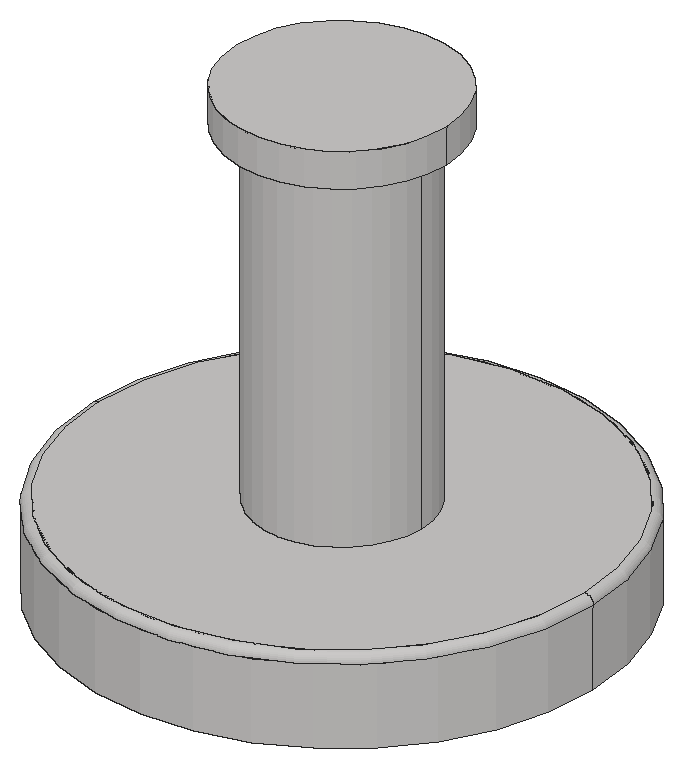
Revit family "PRD_FrankeWS_ClthsHks_FIRMUSRobeHook_FIRX010HP", category Specialty Equipment, host Face, Revit 2018
Family settings
  Host = Face
  Round Connector Dimension = Use Diameter
  Part Type = Normal
  OmniClass Number = 23.40.20.21.31
  OmniClass Title = Robe Hooks
  Cut with Voids When Loaded = No
  Shared = No
  Room Calculation Point = No
Parameters (values of type "FIRX010HP")
  WarrantyStartDate [instance] = "1900-12-31T23:59:59"
  WarrantyGuarantorParts = "n/a"
  WarrantyGuarantorLabor = "n/a"
  WarrantyDurationUnit = "year"
  WarrantyDurationParts = "n/a"
  WarrantyDurationLabor = "n/a"
  WarrantyDescription = "n/a"
  Version = "1"
  Uniclass2015Version = "Products v1.17"
  Uniclass2015Title = "Clothes hooks"
  Uniclass2015Code = "Pr_40_30_78_15"
  URL = "www.kwc.com"
  TypeOfMounting = "Wall mounting"
  TypeOfFixing = "Screw"
  TagNumber [instance] = "n/a"
  SustainabilityPerformance = "n/a"
  Style = "Hook"
  Size = "60 x 60 x 54 mm"
  Shape = "n/a"
  SerialNumber [instance] = "n/a"
  Revision = "n/a"
  ReplacementCost = "n/a"
  ProductInformation = "https://pim.kwc.com/product/2000106279/attachment/datasheet?locale=en"
  NumberOfHooks = "1"
  NominalWidth = 60.00 mm
  NominalHeight = 60.00 mm
  NominalDepth = 54.00 mm
  NetWeight = 0.12 kg
  Name = "Robe hook FIRX010HP"
  NBSTypeID = "n/a"
  NBSReference = "45-35-72/322"
  NBSOfficeMasterTag = "n/a"
  NBSNote = "n/a"
  NBSDescription = "Clothes hooks"
  NBSCertification = "n/a"
  ModelReference = "FIRX010HP"
  ModelNumber = "2000106279"
  Model = ModelReference  # "FIRX010HP"
  MaterialCode = "1.4301"
  Material = "stainless steel"
  ManufacturerURL = "www.kwc.com"
  ManufacturerName = "KWC Group AG"  # constant formula
  Manufacturer = ManufacturerName  # "KWC Group AG"
  MainColor = "stainless steel"
  IsBuiltIn = "TRUE"
  IntegralAccessories = "incl. stainless steel screws and dowels"
  InstallationDate [instance] = "1900-12-31T23:59:59"
  IfcExportType = "USERDEFINED"
  IfcExportAs = "IfcFurnitureType"
  HookMaterial = PRD_AR_StainlessSteel_HighPolished
  GrossWeight = 0.16 kg
  Grade = "n/a"
  Finish = "high polished"
  Features = "stainless steel, high polished"
  ExpectedLife = "n/a"
  DurationUnit = "year"
  Description = "Single robe hook for wall mounting, 304 stainless steel, round covers with drilled hole on bottom for fixation, inclusive stainless steel screws and dowels."
  Default Elevation = 1600.00 mm
  CreateOn = "05/2020"  # constant formula
  Constituents = "n/a"
  Color = "n/a"
  CodePerformance = "n/a"
  Category = "Pr_40_30_78_15, Clothes hooks"
  BarCode [instance] = "n/a"
  BIMObjectName = "PRD_AR_ClothesHooks_FIRMUSRobeHook_FIRX010HP"
  Author = "Archispace"  # constant formula
  AssetType = "Fixed"
  AssetIdentifier [instance] = "n/a"
  AccessibilityPerformance = "n/a"
Reference planes
  plane 1 "Center (Front/Back)": y = 0
  plane 2: z = 0
  plane 3 "Center (Left/Right)": x = 0
  plane 4: y = 27
  plane 5: y = -27
Forms (mm)
  Extrusion 1, solid, material "PRD_AR_StainlessSteel_HighPolished" <- "HookMaterial", detail levels fine
    sketch origin (273, 0, 0) x (1, 0, 0) y (0, 1, 0)
      loop
        circle (-273, 0) r 30
    from 0 to 10
  Extrusion 2, solid, material "PRD_AR_StainlessSteel_HighPolished" <- "HookMaterial", detail levels medium
    sketch origin (273, 0, 0) x (1, 0, 0) y (0, 1, 0)
      loop
        circle (-273, 0) r 30
    from 0 to 10
  Extrusion 3, solid, material "PRD_AR_StainlessSteel_HighPolished" <- "HookMaterial", detail levels coarse
    sketch origin (340, 0, 0) x (1, 0, 0) y (0, 1, 0)
      loop
        circle (-340, 0) r 30
    from 0 to 54
  Extrusion 4, solid, material "PRD_AR_StainlessSteel_HighPolished" <- "HookMaterial", detail levels fine
    sketch origin (0, 0, 0) x (1, 0, 0) y (0, 1, 0)
      loop
        circle (0, 0) r 9.5
    from 10 to 50
  Extrusion 5, solid, material "PRD_AR_StainlessSteel_HighPolished" <- "HookMaterial", detail levels fine
    sketch origin (0, 0, 0) x (1, 0, 0) y (0, 1, 0)
      loop
        circle (0, 0) r 12.5
    from 50 to 54
  Sweep 6, void
    path in 3D
      loop
        arc (30, 0, 10) -> (0, -30, 10) -> (-30, 0, 10) r 30
        arc (-30, 0, 10) -> (0, 30, 10) -> (30, 0, 10) r 30
    profile origin (0, 30, 10) x (0, 1, 0) y (0, 0, 1)
      loop
        line (0, 0) -> (-1, 0)
        arc (-1, 0) -> (-0.293, -0.293) -> (0, -1) r 1
        line (0, -1) -> (0, 0)
  Extrusion 7, solid, material "PRD_AR_StainlessSteel_HighPolished" <- "HookMaterial", detail levels medium
    sketch origin (0, 0, 0) x (1, 0, 0) y (0, 1, 0)
      loop
        circle (0, 0) r 12.5
    from 10 to 54
Cuts and joins
  Sweep 6 cuts Extrusion 1
Lines and regions (mm)
  sketch lines
    curve 1: arc (-30, 0, 10) -> (0, 30, 10) -> (30, 0, 10) r 30
    curve 2: arc (30, 0, 10) -> (0, -30, 10) -> (-30, 0, 10) r 30
Dimensions and locks
  plane 1 "Center (Front/Back)" to plane 5 = 27.00 mm
  plane 1 "Center (Front/Back)" to plane 4 = 27.00 mm
  aligned and locked: plane 2 to host face
  aligned and locked: level to host face
